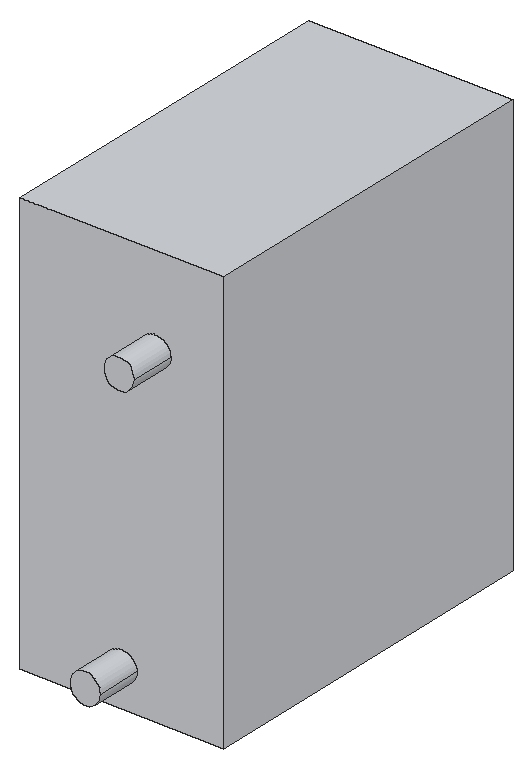
Revit family "b8d3ab3c7a3d4005bad1a3c343e48019", category Mechanical Equipment, Revit 2021
Family settings
  Round Connector Dimension = Use Radius
  Part Type = Normal
  OmniClass Number = 23.75.70.21.14
  OmniClass Title = Coil Units
  Seek Item ID = VAV Coil - Reheat Water - 1 Row-0000-USA-ENU
  Work Plane-Based = No
  Always vertical = Yes
  Cut with Voids When Loaded = No
  Shared = No
  Room Calculation Point = No
Parameters (values of type "12"x14"")
  Water Radius = 1/2"
  Water Pressure Drop [instance] = 0.087 psi
  Water Diameter = 2 * Water Radius  # 1"
  Duct Width = 0' - 6 3/4"
  Default Elevation = 0' - 0"
  Coil Length = 12"
  Duct Height = 14"
  Hot Water Flow [instance] = 0.50 GPM
  Height 1 = 0' - 9 3/4"
  Coil Material = none
  Box Material = none
  Air Pressure Drop [instance] = 0.02 in-wg
  Air Flow [instance] = 350 CFM
Types (5): name | Water Pressure Drop | Duct Width | Coil Length | Duct Height | Hot Water Flow | Height 1 | Air Pressure Drop | Air Flow
  (no name) | 0.087 psi | 0' - 6 3/4" | 12" | 14" | 0.50 GPM | 0' - 9 3/4" | 0.02 in-wg | 350 CFM
  12"x14" | 0.087 psi | 0' - 6 3/4" | 12" | 14" | 0.50 GPM | 0' - 9 3/4" | 0.02 in-wg | 350 CFM
  19"x16" | 0.10 psi | 0' - 10 3/4" | 19" | 16" | 1.00 GPM | 1' - 1 3/4" | 0.02 in-wg | 500 CFM
  24"x16" | 0.147 psi | 0' - 10 3/4" | 24" | 16" | 1.00 GPM | 1' - 1 3/4" | 0.35 in-wg | 1400 CFM
  24"x18" | 0.074 psi | 0' - 6 3/4" | 24" | 18" | 1.00 GPM | 1' - 3 3/4" | 0.58 in-wg | 2400 CFM
Reference planes (in)
  plane 1 "Center (Front/Back)": y = 0
  plane 2: z = 0
  plane 3 "Center (Left/Right)": x = 0
  plane 4: y = 6
  plane 5: y = -6
  plane 6 "1": x = 3.375
  plane 7: x = 6.75
  plane 8: z = 7
  plane 9: z = 14
  plane 10 "3": z = 1.25
  plane 11: x = 3.375
  plane 12: x = 4.5
  plane 13 "2": z = 11
  plane 14: y = -7.5
  plane 15: y = 5.625
  plane 16: z = 2
  plane 17: z = 12
  plane 18: y = 6.625
Forms (in)
  Extrusion 1, solid, material <- "Box Material"
    sketch origin (0, 0, 0) x (1, 0, 0) y (0, 1, 0)
      loop
        line (0, 6) -> (0, -6) -> (6.75, -6) -> (6.75, 6) -> (0, 6)
    from 0 to 14
  Extrusion 2, solid, material <- "Coil Material"
    sketch origin (0, 0, 0) x (1, 0, 0) y (0, 0, 1)
      loop
        circle (3.375, 1.25) r 0.5
      loop
        circle (4.5, 11) r 0.5
    from 6 to 7.5
  Sweep 3, solid, material <- "Coil Material"
    path origin (3.375, 0, 0) x (0, 1, 0) y (0, 0, 1)
      loop
        arc (5.625, 1.25) -> (6.375, 2) -> (5.625, 2.75) r 0.75
    profile origin (3.375, 6.375, 2) x (0, -1, 0) y (1, 0, 0)
      loop
        circle (0, 0) r 0.25
  Sweep 4, solid, material <- "Coil Material"
    path origin (3.375, 0, 0) x (0, 1, 0) y (0, 0, 1)
      loop
        arc (5.625, 11.25) -> (6.375, 12) -> (5.625, 12.75) r 0.75
    profile origin (3.375, 6.375, 12) x (0, -1, 0) y (1, 0, 0)
      loop
        circle (0, 0) r 0.25
Cuts and joins
  joined: Sweep 3, Sweep 4
Dimensions and locks (in)
  equal spacing: plane 4, plane 1 "Center (Front/Back)", plane 5
  "Coil Length": plane 4 to plane 5
  equal spacing: plane 3 "Center (Left/Right)", plane 6 "1", plane 7
  "Duct Width": plane 3 "Center (Left/Right)" to plane 7
  equal spacing: plane 9, plane 8, plane 2
  "Duct Height": plane 9 to plane 2
  locked: plane 10 "3" to plane 2 at 1.25
  locked: plane 11 to plane 3 "Center (Left/Right)" at 3.375
  locked: plane 12 to plane 11 at 1.125
  "Height 1": plane 13 "2" to plane 10 "3"
  locked: plane 5 to plane 14 at 1.5
  locked: plane 4 to plane 15 at 0.375
  locked: plane 16 to plane 2 at 2
  locked: plane 16 to plane 17 at 10
  locked: plane 18 to plane 4 at 0.625
  radius of Extrusion 2 sketch curve = 0' - 0 1/2"  (x2)
  radius of Sweep 3 sketch curve = 0' - 0 3/4"
  radius of Sweep 3 sketch curve = 0' - 0 1/4"
  radius of Sweep 4 sketch curve = 0' - 0 3/4"
  radius of Sweep 4 sketch curve = 0' - 0 1/4"
  aligned and locked: plane 3 "Center (Left/Right)" to Extrusion 1 sketch curve
  aligned and locked: Extrusion 1 sketch curve to plane 4
  aligned and locked: plane 5 to Extrusion 1 sketch curve
  aligned and locked: Extrusion 1 sketch curve to plane 7
  aligned and locked: Extrusion 1 to level
  aligned and locked: Extrusion 1 to plane 9
  aligned and locked: plane 10 "3" to Extrusion 2 sketch curve
  aligned and locked: plane 11 to Extrusion 2 sketch curve
  aligned and locked: plane 13 "2" to Extrusion 2 sketch curve
  aligned and locked: plane 12 to Extrusion 2 sketch curve
  aligned and locked: Extrusion 2 to plane 14
  aligned and locked: Extrusion 2 to plane 5
  aligned and locked: plane 15 to Sweep 3 sketch curve
  aligned and locked: plane 16 to Sweep 3 sketch curve
  aligned and locked: plane 15 to Sweep 4 sketch curve
  aligned and locked: plane 17 to Sweep 4 sketch curve
Automatic sketch dimensions
  Sweep 3 sketch curve to plane 6 "1" = 0' - 0"
  Sweep 3 sketch curve to profile plane = 0' - 0"
  Sweep 4 sketch curve to plane 6 "1" = 0' - 0"
  Sweep 4 sketch curve to profile plane = 0' - 0"
Connectors (in)
  hvac at (0, 0, 7), driven by "Duct Height", driven by "Coil Length", driven by "Air Flow"
    settings: on Extrusion 1, index 3, duct flow 350 CFM, flow factor 0, pres drop 0.00 in-wg, loss coef 0, conn angle 0.00°, conn width 12", conn height 14", conn diameter 24", duct sys type 1, conn prof type 1, flow config 0, flow direction 0, loss method 4, conn ref index 4, conn util no, is conn primary yes, conn desc ""
  hvac at (6.75, 0, 7), driven by "Duct Height", driven by "Coil Length", driven by "Air Pressure Drop", driven by "Air Flow"
    settings: on Extrusion 1, index 4, duct flow 350 CFM, flow factor 0, pres drop 0.02 in-wg, loss coef 0, conn angle 0.00°, conn width 12", conn height 14", conn diameter 24", duct sys type 1, conn prof type 1, flow config 0, flow direction 0, loss method 4, conn ref index 3, conn util no, is conn primary no, conn desc ""
  piping at (3.375, -7.5, 1.25), diameter 1, driven by "Hot Water Flow", driven by "Water Radius"
    settings: on Extrusion 2, index 5, connector inside diameter 1", connector length 0' - 0", flow factor 0, pipe flow 0.50 GPM, pressure drop 0.00 psi, fitting loss kfactor 0, connector angle 0.00°, fixture units 0, engagement length 0' - 0", angle of deflection 0.00°, flow configuration 1, flow direction 1, fitting loss method 4, system type 7, joint type 0, gender type 0, connector reference index 6, connector utility 0, adjustable connector no, is connector primary no, connector description "Water In"
  piping at (4.5, -7.5, 11), diameter 1, driven by "Water Radius", driven by "Hot Water Flow", driven by "Water Pressure Drop"
    settings: on Extrusion 2, index 6, connector inside diameter 1", connector length 0' - 0", flow factor 0, pipe flow 0.50 GPM, pressure drop 0.087 psi, fitting loss kfactor 0, connector angle 0.00°, fixture units 0, engagement length 0' - 0", angle of deflection 0.00°, flow configuration 1, flow direction 2, fitting loss method 4, system type 8, joint type 0, gender type 0, connector reference index 5, connector utility 0, adjustable connector no, is connector primary yes, connector description "Water Out"
